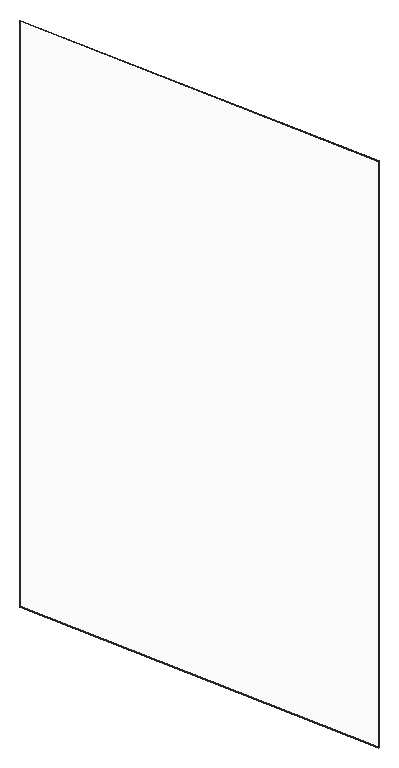
Revit family "Building-Materials_Glass-Glazing_Vitro-Architectural-Glass_Solarblue-Monolithic-Glass", category Curtain Panels, Revit 2026
Family settings
  Classification Number = 23.25.20.14.11.11.17
  Always vertical = Yes
  Cut with Voids When Loaded = No
  Shared = No
Parameters (values of type "Solarblue Monolithic")
  Visual Light Transmittance = 0.56  # constant formula
  UV Light Transmittance = 0.31
  URL = "https://www.vitroglazings.com/"
  U-Value Argon (Winter Night) = 0.0000 BTU/(h·ft²·°F)
  U-Value Argon (Summer Day) = 0.0000 BTU/(h·ft²·°F)
  U-Value Air (Winter Night) = 1.0200 BTU/(h·ft²·°F)
  U-Value Air (Summer Day) = 0.9200 BTU/(h·ft²·°F)
  Thickness = 0' - 0 1/4"
  Thermal Resistance (R) = 8.3333 (h·ft²·°F)/BTU  # constant formula
  Solar Light Transmittance = 0.47
  Solar Heat Gain Coefficient = 0.61  # constant formula
  Shadow Coefficient = 0.71
  Reflectance (Visible Interior) = 6
  Reflectance (Visible Exterior) = 6
  Product data url = "https://www.bimobject.com/vitroarchictecturalglass/product/solarblue-glass"
  Product Page URL = "https://www.vitroglazings.com/products/performance-tinted-glass/blue-green-tinted-glass/solarblue-glass/"
  Product Guid = "c9440fd3-c105-4b7b-813a-3103e28ac274"
  Model = "Solarblue Monolithic"
  Manufacturer = "Vitro Architectural Glass "  # constant formula
  Light to Solar Gain = 0.92
  Keynote = "08900"
  ISO Damage Weighted Transmittance = 0.548
  Heat Transfer Coefficient (U) = 0.2900 BTU/(h·ft²·°F)  # constant formula
  Glass Material = Vitro Architectural-Glass - Solarblue
  Finish = "Glass"
  Description = "Part of Vitro Glass’s earth‑inspired collection, Solarblue® glass features a sparkling, light sky‑blue appearance that balances high visible light transmittance (VLT) of 50 percent and a solar heat gain coefficient (SHGC) of 0.49 in a one-inch insulating glass unit (IGU) with clear glass."  # constant formula
  Define Thermal Properties by = Schematic Type
  Assembly Code = "B2020220"
  Analytic Construction = "Large single-glazed windows"
Reference planes (in)
  plane 1 "Front": y = 0
  plane 2: z = 0
  plane 3 "Center (Left/Right)": x = 0
  plane 4 "Left": x = -32.75106
  plane 5 "Right": x = 32.75106
  plane 6 "Top": z = 96
  plane 7: y = 0.125
  plane 8: y = -0.125
Forms (in)
  Extrusion 1, solid, material "Vitro Architectural-Glass - Solarblue" <- "Glass Material"
    sketch origin (0, 0.5, 0) x (1, 0, 0) y (0, 1, 0)
      loop
        line (-32.75106, -0.375) -> (-32.75106, -0.625) -> (32.75106, -0.625) -> (32.75106, -0.375) -> (-32.75106, -0.375)
    from 0 to 96
Text (in)
  text "Exterior" at (-54.29358, 31.38743, 0), in view "Ref. Level"
  text "Exterior" at (480, 41.53993, 89.60405), in view "Right"
  text "Exterior" at (-240, 57.82419, 105.78864), in view "Left"
Dimensions and locks (in)
  equal spacing: plane 4 "Left", plane 3 "Center (Left/Right)", plane 5 "Right"
  plane 7 to Extrusion 1 sketch curve = 0' - 0"
  equal spacing: plane 7, plane 1 "Front", plane 8
  "Thickness": plane 7 to plane 8
  aligned and locked: level to plane 2
  aligned and locked: Extrusion 1 sketch curve to plane 4 "Left"
  aligned and locked: plane 5 "Right" to Extrusion 1 sketch curve
  aligned and locked: Extrusion 1 to plane 6 "Top"
  aligned and locked: Extrusion 1 to level
  aligned and locked: plane 7 to Extrusion 1
  aligned and locked: Extrusion 1 to plane 8
Automatic sketch dimensions
  Extrusion 1 sketch curve to plane 7 = 0' - 0 1/4"
